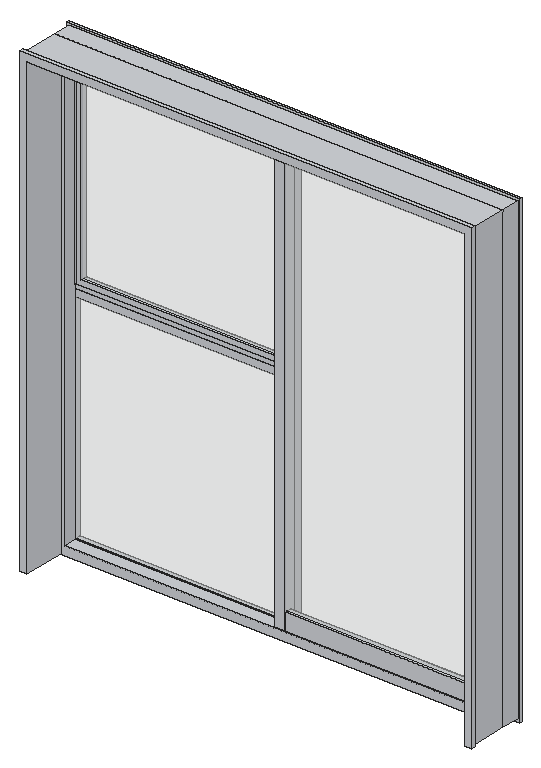
Revit family "APL Residential Thermal Heart Sliding Door SF with Sidelight", category Doors, host Wall, Revit 2017 (continued)
Definition of nested family "APL Residential Thermal Heart Sliding Door SF with Sidelight Horizontal Section"
  Definition of nested family "Glass"
    Lines and regions (mm)
      detail lines, in view "Ref. Level", not visible
        curve 50: line (-1, -6.85, 0) -> (-1, -4.9, 0)
        curve 51: line (-1, -4.9, 0) -> (-0.25, -4.9, 0)
        curve 52: line (-0.25, -5.4, 0) -> (-0.25, -8.45, 0)
        curve 53: line (-0.25, -8.95, 0) -> (-0.25, -9.619, 0)
        curve 54: line (-0.25, -10.119, 0) -> (-0.25, -10.787, 0)
        curve 55: line (-0.25, -11.287, 0) -> (-0.25, -11.956, 0)
        curve 56: arc (-0.25, -11.956, 0) -> (0, -12.206, 0) -> (-0.25, -12.456, 0) r 0.25
        curve 57: arc (25, -10.728, 0) -> (24.979, -10.828, 0) -> (24.92, -10.912, 0) r 0.25
        curve 58: arc (24.161, -11.614, 0) -> (24.042, -11.78, 0) -> (24, -11.981, 0) r 0.5
        curve 59: arc (24, -13.404, 0) -> (24.088, -13.594, 0) -> (24.289, -13.651, 0) r 0.25
        curve 60: arc (28.489, -12.997, 0) -> (28.647, -12.904, 0) -> (28.699, -12.728, 0) r 0.25
        curve 61: arc (27.5, -8.1, 0) -> (27.711, -7.984, 0) -> (27.727, -7.744, 0) r 0.25
        curve 62: arc (26.033, -4.114, 0) -> (25.642, -3.858, 0) -> (25.24, -4.095, 0) r 0.442
        curve 63: arc (24.864, -4.812, 0) -> (24.414, -5.357, 0) -> (24.052, -5.964, 0) r 4.62
        curve 64: arc (24.052, -5.964, 0) -> (24.013, -6.073, 0) -> (24, -6.187, 0) r 0.5
        curve 65: arc (24, -6.743, 0) -> (24.132, -6.931, 0) -> (24.353, -6.871, 0) r 0.2
        curve 66: arc (24.353, -6.871, 0) -> (24.514, -6.711, 0) -> (24.702, -6.581, 0) r 1.262
        curve 67: arc (24.702, -6.581, 0) -> (24.901, -6.583, 0) -> (25, -6.756, 0) r 0.2
        curve 68: arc (25, -7.353, 0) -> (24.962, -7.543, 0) -> (24.855, -7.705, 0) r 0.5
        curve 69: arc (24.855, -7.705, 0) -> (24.408, -8.237, 0) -> (24.051, -8.833, 0) r 4.3
        curve 70: arc (24.051, -8.833, 0) -> (24.013, -8.941, 0) -> (24, -9.054, 0) r 0.5
        curve 71: arc (24, -9.668, 0) -> (24.137, -9.858, 0) -> (24.361, -9.787, 0) r 0.2
        curve 72: arc (24.361, -9.787, 0) -> (24.512, -9.617, 0) -> (24.69, -9.476, 0) r 1.288
        curve 73: arc (24.69, -9.476, 0) -> (24.895, -9.467, 0) -> (25, -9.643, 0) r 0.2
        curve 74: line (24.92, -10.912, 0) -> (24.161, -11.614, 0)
        curve 75: line (24, -11.981, 0) -> (24, -13.404, 0)
        curve 76: line (24.289, -13.651, 0) -> (28.489, -12.997, 0)
        curve 77: line (28.699, -12.728, 0) -> (28.548, -11, 0)
        curve 78: line (28.548, -11, 0) -> (27, -11, 0)
        curve 79: line (27, -11, 0) -> (27, -8.1, 0)
        curve 80: line (27, -8.1, 0) -> (27.5, -8.1, 0)
        curve 81: line (27.727, -7.744, 0) -> (26.033, -4.114, 0)
        curve 82: line (25.24, -4.095, 0) -> (24.864, -4.812, 0)
        curve 83: line (24, -6.187, 0) -> (24, -6.743, 0)
        curve 84: line (25, -6.756, 0) -> (25, -7.353, 0)
        curve 85: line (24, -9.054, 0) -> (24, -9.668, 0)
        curve 86: line (25, -9.643, 0) -> (25, -10.728, 0)
    Dimensions and locks
      "Glass Lenght": plane 1 "Center (Front/Back)" to plane 4
      aligned and locked: plane 4 to curve 2
      aligned and locked: plane 1 "Center (Front/Back)" to Filled region 1 sketch curve
      aligned and locked: Filled region 1 sketch curve to curve 6
      aligned and locked: Filled region 1 sketch curve to curve 1
      aligned and locked: Filled region 1 sketch curve to curve 5
    Automatic sketch dimensions
      plane 1 "Center (Front/Back)" to curve 2 = 0 mm
      curve 2 to plane 3 "Center (Left/Right)" = 0 mm
      curve 6 to plane 4 = 0 mm
      curve 5 to plane 4 = 0 mm
      curve 4 to plane 4 = 0 mm
      curve 5 to curve 3 = 4 mm
      curve 1 to curve 1 = 16 mm
      plane 1 "Center (Front/Back)" to curve 1 = 12 mm
      plane 3 "Center (Left/Right)" to curve 6 = 4 mm
  Definition of nested family "Interlocker&Sash"
    Reference planes
      plane 1 "Center (Front/Back)": y = 0
      plane 2: z = 0
      plane 3 "Center (Left/Right)": x = 0
    Lines and regions (mm)
      detail lines, in view "Ref. Level"
        curve 1: arc (-27.946, -29.718, 0) -> (-28.086, -30.028, 0) -> (-27.787, -30.191, 0) r 0.25
        curve 2: arc (-17.899, -30.164, 0) -> (-17.6, -30.002, 0) -> (-17.74, -29.692, 0) r 0.25
        curve 3: line (-27.787, -30.191, 0) -> (-23.919, -29.197, 0)
        curve 4: line (-23.919, -29.197, 0) -> (-23.34, -30.2, 0)
        curve 5: line (-23.34, -30.2, 0) -> (-22.34, -30.2, 0)
        curve 6: line (-22.34, -30.2, 0) -> (-21.748, -29.175, 0)
        curve 7: line (-21.748, -29.175, 0) -> (-17.899, -30.164, 0)
        curve 8: line (-17.74, -29.692, 0) -> (-21.84, -27.968, 0)
        curve 9: line (-21.84, -27.968, 0) -> (-21.84, -26.7, 0)
        curve 10: line (-21.84, -26.7, 0) -> (-20.59, -26.7, 0)
        curve 11: line (-20.59, -26.7, 0) -> (-20.59, -25.7, 0)
        curve 12: line (-20.59, -25.7, 0) -> (-25.09, -25.7, 0)
        curve 13: line (-25.09, -25.7, 0) -> (-25.09, -26.7, 0)
        curve 14: line (-25.09, -26.7, 0) -> (-23.84, -26.7, 0)
        curve 15: line (-23.84, -26.7, 0) -> (-23.84, -27.992, 0)
        curve 16: line (-23.84, -27.992, 0) -> (-27.946, -29.718, 0)
      detail lines, in view "Ref. Level", not visible
        curve 17: arc (33.161, -9.933, 0) -> (32.851, -9.793, 0) -> (32.689, -10.092, 0) r 0.25
        curve 18: arc (32.715, -19.98, 0) -> (32.877, -20.279, 0) -> (33.188, -20.139, 0) r 0.25
        curve 19: line (32.689, -10.092, 0) -> (33.683, -13.959, 0)
        curve 20: line (33.683, -13.959, 0) -> (32.679, -14.539, 0)
        curve 21: line (32.679, -14.539, 0) -> (32.679, -15.539, 0)
        curve 22: line (32.679, -15.539, 0) -> (33.705, -16.131, 0)
        curve 23: line (33.705, -16.131, 0) -> (32.715, -19.98, 0)
        curve 24: line (33.188, -20.139, 0) -> (34.912, -16.039, 0)
        curve 25: line (34.912, -16.039, 0) -> (36.179, -16.039, 0)
        curve 26: line (36.179, -16.039, 0) -> (36.179, -17.289, 0)
        curve 27: line (36.179, -17.289, 0) -> (37.179, -17.289, 0)
        curve 28: line (37.179, -17.289, 0) -> (37.179, -12.789, 0)
        curve 29: line (37.179, -12.789, 0) -> (36.179, -12.789, 0)
        curve 30: line (36.179, -12.789, 0) -> (36.179, -14.039, 0)
        curve 31: line (36.179, -14.039, 0) -> (34.887, -14.039, 0)
        curve 32: line (34.887, -14.039, 0) -> (33.161, -9.933, 0)
    Dimensions and locks
      locked: nested 3 to nested 2 at 48
      locked: nested 2 to nested 3 at 51
    Nested families
      nested 1: "65500_Interlocker Stile" at (-26.59, -6.05, 0) x (-1, 0, 0) z (0, 0, 1), type "65500_Interlocker Stile", in view "Ref. Level"
      nested 2: "65420_Interlocker Mullion" at (25.41, -70.5, 0), type "65420_Interlocker Mullion", in view "Ref. Level"
      nested 3: "65720_Sash" at (-28.59, -71.2, 0) x (0, 1, 0) z (0, 0, 1), type "65720_Sash", in view "Ref. Level"
    Definition of nested family "65500_Interlocker Stile"
      Reference planes
        plane 1 "Center (Front/Back)": y = 0
        plane 2: z = 0
        plane 3 "Center (Left/Right)": x = 0
      Lines and regions (mm)
        model lines, in view "Ref. Level"
          curve 1: arc (-13.564, 1.218, 0) -> (-13.278, 1.262, 0) -> (-13.162, 1.526, 0) r 0.3
          curve 2: arc (-13.369, 3.892, 0) -> (-13.396, 3.992, 0) -> (-13.456, 4.078, 0) r 0.3
          curve 3: arc (-13.819, 4.441, 0) -> (-14.013, 4.493, 0) -> (-14.154, 4.352, 0) r 0.2
          curve 4: arc (-14.199, 4.184, 0) -> (-14.251, 4.095, 0) -> (-14.34, 4.043, 0) r 0.2
          curve 5: arc (-16.561, 3.5, 0) -> (-16.841, 3.693, 0) -> (-16.761, 4.024, 0) r 0.3
          curve 6: arc (-16.761, 4.024, 0) -> (-16.687, 4.125, 0) -> (-16.661, 4.247, 0) r 0.3
          curve 7: arc (-16.855, 8.25, 0) -> (-16.819, 8.422, 0) -> (-16.661, 8.5, 0) r 0.2
          curve 8: arc (-16.14, 8.5, 0) -> (-16.059, 8.489, 0) -> (-15.983, 8.456, 0) r 0.3
          curve 9: arc (-14.73, 7.691, 0) -> (-14.733, 7.521, 0) -> (-14.627, 7.389, 0) r 0.25
          curve 10: arc (-14.541, 7.337, 0) -> (-14.289, 7.332, 0) -> (-14.161, 7.549, 0) r 0.25
          curve 11: arc (-14.161, 7.8, 0) -> (-14.102, 7.941, 0) -> (-13.961, 8, 0) r 0.2
          curve 12: arc (-13.688, 8, 0) -> (-13.573, 8.036, 0) -> (-13.5, 8.132, 0) r 0.2
          curve 13: arc (-13.266, 8.775, 0) -> (-13.244, 8.859, 0) -> (-13.236, 8.946, 0) r 0.5
          curve 14: arc (-13.236, 9.9, 0) -> (-13.382, 10.254, 0) -> (-13.736, 10.4, 0) r 0.5
          curve 15: arc (-24.052, 10.4, 0) -> (-24.41, 10.544, 0) -> (-24.559, 10.9, 0) r 0.5
          curve 16: arc (-24.559, 14.446, 0) -> (-24.704, 14.802, 0) -> (-25.059, 14.95, 0) r 0.5
          curve 17: arc (-27.408, 14.95, 0) -> (-27.627, 14.823, 0) -> (-27.622, 14.57, 0) r 0.25
          curve 18: arc (-27.57, 14.484, 0) -> (-27.437, 14.378, 0) -> (-27.268, 14.381, 0) r 0.25
          curve 19: arc (-26.503, 13.127, 0) -> (-26.47, 13.052, 0) -> (-26.459, 12.971, 0) r 0.3
          curve 20: arc (-26.459, 12.45, 0) -> (-26.536, 12.292, 0) -> (-26.709, 12.256, 0) r 0.2
          curve 21: arc (-30.711, 12.45, 0) -> (-30.834, 12.424, 0) -> (-30.935, 12.35, 0) r 0.3
          curve 22: arc (-30.935, 12.35, 0) -> (-31.266, 12.27, 0) -> (-31.459, 12.55, 0) r 0.3
          curve 23: arc (-30.916, 14.771, 0) -> (-30.864, 14.86, 0) -> (-30.774, 14.912, 0) r 0.2
          curve 24: arc (-30.607, 14.957, 0) -> (-30.465, 15.098, 0) -> (-30.517, 15.291, 0) r 0.2
          curve 25: arc (-30.881, 15.655, 0) -> (-30.966, 15.715, 0) -> (-31.067, 15.742, 0) r 0.3
          curve 26: arc (-33.432, 15.949, 0) -> (-33.697, 15.833, 0) -> (-33.741, 15.547, 0) r 0.3
          curve 27: arc (-33.227, 14.137, 0) -> (-33.14, 14.011, 0) -> (-33.002, 13.945, 0) r 0.3
          curve 28: arc (-33.002, 13.945, 0) -> (-32.759, 13.672, 0) -> (-32.959, 13.367, 0) r 0.3
          curve 29: arc (-32.959, 12.624, 0) -> (-33.017, 12.482, 0) -> (-33.159, 12.424, 0) r 0.2
          curve 30: arc (-35.159, 12.424, 0) -> (-35.512, 12.277, 0) -> (-35.659, 11.924, 0) r 0.5
          curve 31: arc (-35.659, 10.05, 0) -> (-35.717, 9.908, 0) -> (-35.859, 9.85, 0) r 0.2
          curve 32: arc (-45.581, 9.85, 0) -> (-45.935, 9.996, 0) -> (-46.081, 10.349, 0) r 0.499
          curve 33: arc (-46.081, 10.75, 0) -> (-45.935, 11.104, 0) -> (-45.581, 11.25, 0) r 0.5
          curve 34: arc (-44.831, 11.25, 0) -> (-44.69, 11.309, 0) -> (-44.631, 11.45, 0) r 0.2
          curve 35: arc (-44.631, 12.05, 0) -> (-44.69, 12.191, 0) -> (-44.831, 12.25, 0) r 0.2
          curve 36: arc (-47.931, 12.25, 0) -> (-48.072, 12.191, 0) -> (-48.131, 12.05, 0) r 0.2
          curve 37: arc (-48.131, 11.45, 0) -> (-48.072, 11.309, 0) -> (-47.931, 11.25, 0) r 0.2
          curve 38: arc (-47.581, 11.25, 0) -> (-47.44, 11.191, 0) -> (-47.381, 11.05, 0) r 0.2
          curve 39: arc (-47.381, 10.45, 0) -> (-47.44, 10.309, 0) -> (-47.581, 10.25, 0) r 0.2
          curve 40: arc (-47.931, 10.25, 0) -> (-48.072, 10.191, 0) -> (-48.131, 10.05, 0) r 0.2
          curve 41: arc (-48.131, 9.749, 0) -> (-48.277, 9.395, 0) -> (-48.631, 9.249, 0) r 0.5
          curve 42: arc (-49.631, 9.249, 0) -> (-49.985, 9.395, 0) -> (-50.131, 9.749, 0) r 0.5
          curve 43: arc (-50.131, 10.05, 0) -> (-50.19, 10.191, 0) -> (-50.331, 10.25, 0) r 0.2
          curve 44: arc (-50.681, 10.25, 0) -> (-50.822, 10.309, 0) -> (-50.881, 10.45, 0) r 0.2
          curve 45: arc (-50.881, 11.05, 0) -> (-50.822, 11.191, 0) -> (-50.681, 11.25, 0) r 0.2
          curve 46: arc (-50.331, 11.25, 0) -> (-50.19, 11.309, 0) -> (-50.131, 11.45, 0) r 0.2
          curve 47: arc (-50.131, 12.05, 0) -> (-50.19, 12.191, 0) -> (-50.331, 12.25, 0) r 0.2
          curve 48: arc (-51.761, 12.25, 0) -> (-51.902, 12.191, 0) -> (-51.961, 12.05, 0) r 0.2
          curve 49: arc (-52.336, 8.799, 0) -> (-52.711, 8.424, 0) -> (-52.336, 8.049, 0) r 0.375
          curve 50: arc (-33.059, 8.05, 0) -> (-32.559, 8.55, 0) -> (-33.059, 9.05, 0) r 0.5
          curve 51: arc (-33.959, 9.05, 0) -> (-34.1, 9.109, 0) -> (-34.159, 9.25, 0) r 0.2
          curve 52: arc (-34.159, 10.35, 0) -> (-34.1, 10.491, 0) -> (-33.959, 10.55, 0) r 0.2
          curve 53: arc (-26.659, 10.55, 0) -> (-26.517, 10.491, 0) -> (-26.459, 10.35, 0) r 0.2
          curve 54: arc (-26.459, 9.25, 0) -> (-26.517, 9.109, 0) -> (-26.659, 9.05, 0) r 0.2
          curve 55: arc (-27.559, 9.05, 0) -> (-28.059, 8.55, 0) -> (-27.559, 8.05, 0) r 0.5
          curve 56: arc (-19.061, 8.05, 0) -> (-18.707, 7.904, 0) -> (-18.561, 7.55, 0) r 0.5
          curve 57: arc (-18.561, 2.6, 0) -> (-18.854, 1.893, 0) -> (-19.561, 1.6, 0) r 1
          curve 58: arc (-28.809, 1.6, 0) -> (-29.609, 0.8, 0) -> (-28.809, 0, 0) r 0.8
          curve 59: arc (-17.661, 0, 0) -> (-16.954, 0.293, 0) -> (-16.661, 1, 0) r 1
          curve 60: arc (-16.661, 1.8, 0) -> (-16.602, 1.941, 0) -> (-16.461, 2, 0) r 0.2
          curve 61: arc (-15.744, 2, 0) -> (-15.438, 2.199, 0) -> (-15.166, 1.957, 0) r 0.3
          curve 62: arc (-15.166, 1.957, 0) -> (-15.1, 1.819, 0) -> (-14.974, 1.732, 0) r 0.3
          curve 63: line (-13.162, 1.526, 0) -> (-13.369, 3.892, 0)
          curve 64: line (-13.456, 4.078, 0) -> (-13.819, 4.441, 0)
          curve 65: line (-14.154, 4.352, 0) -> (-14.199, 4.184, 0)
          curve 66: line (-14.199, 4.184, 0) -> (-16.329, 3.51, 0)
          curve 67: line (-16.329, 3.51, 0) -> (-16.561, 3.5, 0)
          curve 68: line (-16.661, 4.247, 0) -> (-16.661, 7.475, 0)
          curve 69: line (-16.661, 7.475, 0) -> (-16.855, 8.25, 0)
          curve 70: line (-16.661, 8.5, 0) -> (-16.14, 8.5, 0)
          curve 71: line (-16.14, 8.5, 0) -> (-14.73, 7.691, 0)
          curve 72: line (-14.161, 7.549, 0) -> (-14.161, 7.8, 0)
          curve 73: line (-13.961, 8, 0) -> (-13.688, 8, 0)
          curve 74: line (-13.5, 8.132, 0) -> (-13.266, 8.775, 0)
          curve 75: line (-13.236, 8.946, 0) -> (-13.236, 9.9, 0)
          curve 76: line (-13.736, 10.4, 0) -> (-24.052, 10.4, 0)
          curve 77: line (-24.559, 10.9, 0) -> (-24.559, 14.446, 0)
          curve 78: line (-25.059, 14.95, 0) -> (-27.408, 14.95, 0)
          curve 79: line (-27.268, 14.381, 0) -> (-26.503, 13.127, 0)
          curve 80: line (-26.503, 13.127, 0) -> (-26.459, 12.45, 0)
          curve 81: line (-26.709, 12.256, 0) -> (-27.459, 12.45, 0)
          curve 82: line (-27.434, 12.444, 0) -> (-30.711, 12.45, 0)
          curve 83: line (-31.459, 12.704, 0) -> (-30.916, 14.771, 0)
          curve 84: line (-30.916, 14.771, 0) -> (-30.607, 14.957, 0)
          curve 85: line (-30.517, 15.291, 0) -> (-30.881, 15.655, 0)
          curve 86: line (-31.067, 15.742, 0) -> (-33.432, 15.949, 0)
          curve 87: line (-33.741, 15.547, 0) -> (-33.227, 14.137, 0)
          curve 88: line (-32.959, 13.367, 0) -> (-32.959, 12.624, 0)
          curve 89: line (-33.159, 12.424, 0) -> (-35.159, 12.424, 0)
          curve 90: line (-35.659, 11.924, 0) -> (-35.659, 10.05, 0)
          curve 91: line (-35.859, 9.85, 0) -> (-45.581, 9.85, 0)
          curve 92: line (-46.081, 10.349, 0) -> (-46.081, 10.75, 0)
          curve 93: line (-45.581, 11.25, 0) -> (-44.831, 11.25, 0)
          curve 94: line (-44.631, 11.45, 0) -> (-44.631, 12.05, 0)
          curve 95: line (-44.831, 12.25, 0) -> (-47.931, 12.25, 0)
          curve 96: line (-48.131, 12.05, 0) -> (-48.131, 11.45, 0)
          curve 97: line (-47.931, 11.25, 0) -> (-47.581, 11.25, 0)
          curve 98: line (-47.381, 11.05, 0) -> (-47.381, 10.45, 0)
          curve 99: line (-47.581, 10.25, 0) -> (-47.931, 10.25, 0)
          curve 100: line (-48.131, 10.05, 0) -> (-48.131, 9.749, 0)
          curve 101: line (-48.631, 9.249, 0) -> (-49.631, 9.249, 0)
          curve 102: line (-50.131, 9.749, 0) -> (-50.131, 10.05, 0)
          curve 103: line (-50.331, 10.25, 0) -> (-50.681, 10.25, 0)
          curve 104: line (-50.881, 10.45, 0) -> (-50.881, 11.05, 0)
          curve 105: line (-50.681, 11.25, 0) -> (-50.331, 11.25, 0)
          curve 106: line (-50.131, 11.45, 0) -> (-50.131, 12.05, 0)
          curve 107: line (-50.331, 12.25, 0) -> (-51.761, 12.25, 0)
          curve 108: line (-51.961, 12.05, 0) -> (-51.961, 8.799, 0)
          curve 109: line (-51.961, 8.799, 0) -> (-52.336, 8.799, 0)
          curve 110: line (-52.336, 8.049, 0) -> (-33.059, 8.049, 0)
          curve 111: line (-33.059, 9.05, 0) -> (-33.959, 9.05, 0)
          curve 112: line (-34.159, 9.25, 0) -> (-34.159, 10.35, 0)
          curve 113: line (-33.959, 10.55, 0) -> (-26.659, 10.55, 0)
          curve 114: line (-26.459, 10.35, 0) -> (-26.459, 9.25, 0)
          curve 115: line (-26.659, 9.05, 0) -> (-27.559, 9.05, 0)
          curve 116: line (-27.559, 8.05, 0) -> (-19.061, 8.05, 0)
          curve 117: line (-18.561, 7.55, 0) -> (-18.561, 2.6, 0)
          curve 118: line (-19.561, 1.6, 0) -> (-28.809, 1.6, 0)
          curve 119: line (-28.809, 0, 0) -> (-17.661, 0, 0)
          curve 120: line (-16.661, 1, 0) -> (-16.661, 1.8, 0)
          curve 121: line (-16.461, 2, 0) -> (-15.744, 2, 0)
          curve 122: line (-14.974, 1.732, 0) -> (-13.564, 1.218, 0)
          curve 123: arc (-31.398, 41.7, 0) -> (-31.251, 42.054, 0) -> (-30.898, 42.2, 0) r 0.5
          curve 124: arc (-2.1, 42.2, 0) -> (-1.746, 42.054, 0) -> (-1.6, 41.7, 0) r 0.5
          curve 125: arc (-1.6, 10.9, 0) -> (-1.746, 10.546, 0) -> (-2.1, 10.4, 0) r 0.5
          curve 126: arc (-4.86, 10.4, 0) -> (-5.213, 10.254, 0) -> (-5.36, 9.9, 0) r 0.5
          curve 127: arc (-5.36, 9.042, 0) -> (-5.352, 8.955, 0) -> (-5.33, 8.871, 0) r 0.5
          curve 128: arc (-5.061, 8.132, 0) -> (-4.987, 8.036, 0) -> (-4.873, 8, 0) r 0.2
          curve 129: arc (-4.6, 8, 0) -> (-4.459, 7.941, 0) -> (-4.4, 7.8, 0) r 0.2
          curve 130: arc (-4.4, 7.55, 0) -> (-4.272, 7.332, 0) -> (-4.02, 7.337, 0) r 0.25
          curve 131: arc (-3.934, 7.389, 0) -> (-3.828, 7.521, 0) -> (-3.831, 7.691, 0) r 0.25
          curve 132: arc (-2.577, 8.456, 0) -> (-2.502, 8.489, 0) -> (-2.421, 8.5, 0) r 0.3
          curve 133: arc (-1.9, 8.5, 0) -> (-1.742, 8.422, 0) -> (-1.706, 8.25, 0) r 0.2
          curve 134: arc (-1.9, 4.247, 0) -> (-1.874, 4.125, 0) -> (-1.8, 4.024, 0) r 0.3
          curve 135: arc (-1.8, 4.024, 0) -> (-1.72, 3.693, 0) -> (-2, 3.5, 0) r 0.3
          curve 136: arc (-4.221, 4.043, 0) -> (-4.31, 4.095, 0) -> (-4.362, 4.184, 0) r 0.2
          curve 137: arc (-4.407, 4.352, 0) -> (-4.548, 4.493, 0) -> (-4.741, 4.441, 0) r 0.2
          curve 138: arc (-5.105, 4.078, 0) -> (-5.165, 3.992, 0) -> (-5.192, 3.892, 0) r 0.3
          curve 139: arc (-5.399, 1.526, 0) -> (-5.283, 1.262, 0) -> (-4.997, 1.218, 0) r 0.3
          curve 140: arc (-3.587, 1.732, 0) -> (-3.461, 1.819, 0) -> (-3.395, 1.957, 0) r 0.3
          curve 141: arc (-3.395, 1.957, 0) -> (-3.122, 2.199, 0) -> (-2.817, 2, 0) r 0.3
          curve 142: arc (-2.1, 2, 0) -> (-1.959, 1.941, 0) -> (-1.9, 1.8, 0) r 0.2
          curve 143: arc (-1.9, 1, 0) -> (-1.607, 0.293, 0) -> (-0.9, 0, 0) r 1
          curve 144: arc (-0.5, 0, 0) -> (-0.146, 0.146, 0) -> (0, 0.5, 0) r 0.5
          curve 145: arc (0, 43, 0) -> (-0.293, 43.707, 0) -> (-1, 44, 0) r 1
          curve 146: arc (-52.375, 44, 0) -> (-52.75, 43.625, 0) -> (-52.375, 43.25, 0) r 0.375
          curve 147: arc (-52, 42.15, 0) -> (-51.941, 42.009, 0) -> (-51.8, 41.95, 0) r 0.2
          curve 148: arc (-50.962, 40.688, 0) -> (-50.917, 40.558, 0) -> (-50.797, 40.488, 0) r 0.2
          curve 149: arc (-48.613, 40.25, 0) -> (-48.454, 40.328, 0) -> (-48.42, 40.502, 0) r 0.2
          curve 150: arc (-48.808, 41.948, 0) -> (-48.773, 42.122, 0) -> (-48.615, 42.2, 0) r 0.2
          curve 151: arc (-33.498, 42.2, 0) -> (-33.144, 42.054, 0) -> (-32.998, 41.7, 0) r 0.5
          curve 152: arc (-32.998, 35.05, 0) -> (-32.939, 34.909, 0) -> (-32.798, 34.85, 0) r 0.2
          curve 153: arc (-26.398, 34.85, 0) -> (-26.256, 34.792, 0) -> (-26.198, 34.65, 0) r 0.2
          curve 154: arc (-26.198, 29.353, 0) -> (-26.255, 29.21, 0) -> (-26.398, 29.15, 0) r 0.2
          curve 155: arc (-32.798, 29.15, 0) -> (-32.939, 29.091, 0) -> (-32.998, 28.95, 0) r 0.2
          curve 156: arc (-32.998, 26.333, 0) -> (-32.799, 26.028, 0) -> (-33.041, 25.755, 0) r 0.3
          curve 157: arc (-33.041, 25.755, 0) -> (-33.179, 25.689, 0) -> (-33.266, 25.563, 0) r 0.3
          curve 158: arc (-33.78, 24.153, 0) -> (-33.736, 23.867, 0) -> (-33.472, 23.751, 0) r 0.3
          curve 159: arc (-31.106, 23.958, 0) -> (-31.005, 23.985, 0) -> (-30.92, 24.045, 0) r 0.3
          curve 160: arc (-30.556, 24.409, 0) -> (-30.505, 24.602, 0) -> (-30.646, 24.743, 0) r 0.2
          curve 161: arc (-30.813, 24.788, 0) -> (-30.903, 24.84, 0) -> (-30.955, 24.929, 0) r 0.2
          curve 162: arc (-31.498, 27.15, 0) -> (-31.305, 27.43, 0) -> (-30.974, 27.35, 0) r 0.3
          curve 163: arc (-30.974, 27.35, 0) -> (-30.873, 27.276, 0) -> (-30.75, 27.25, 0) r 0.3
          curve 164: arc (-26.748, 27.444, 0) -> (-26.575, 27.408, 0) -> (-26.498, 27.25, 0) r 0.2
          curve 165: arc (-26.498, 26.729, 0) -> (-26.509, 26.648, 0) -> (-26.542, 26.573, 0) r 0.3
          curve 166: arc (-27.307, 25.319, 0) -> (-27.477, 25.322, 0) -> (-27.609, 25.216, 0) r 0.25
          curve 167: arc (-27.661, 25.13, 0) -> (-27.666, 24.878, 0) -> (-27.448, 24.75, 0) r 0.25
          curve 168: arc (-25.098, 24.75, 0) -> (-24.744, 24.896, 0) -> (-24.598, 25.25, 0) r 0.5
          curve 169: arc (-24.598, 36.25, 0) -> (-24.656, 36.391, 0) -> (-24.798, 36.45, 0) r 0.2
          curve 170: line (-31.398, 36.65, 0) -> (-31.398, 41.7, 0)
          curve 171: line (-30.898, 42.2, 0) -> (-2.1, 42.2, 0)
          curve 172: line (-1.6, 41.7, 0) -> (-1.6, 10.9, 0)
          curve 173: line (-2.1, 10.4, 0) -> (-4.86, 10.4, 0)
          curve 174: line (-5.36, 9.9, 0) -> (-5.36, 9.042, 0)
          curve 175: line (-5.33, 8.871, 0) -> (-5.061, 8.132, 0)
          curve 176: line (-4.873, 8, 0) -> (-4.6, 8, 0)
          curve 177: line (-4.4, 7.8, 0) -> (-4.4, 7.55, 0)
          curve 178: line (-3.831, 7.691, 0) -> (-2.577, 8.456, 0)
          curve 179: line (-2.577, 8.456, 0) -> (-1.9, 8.5, 0)
          curve 180: line (-1.706, 8.25, 0) -> (-1.894, 7.525, 0)
          curve 181: line (-1.894, 7.525, 0) -> (-1.9, 4.247, 0)
          curve 182: line (-2.154, 3.5, 0) -> (-4.221, 4.043, 0)
          curve 183: line (-4.221, 4.043, 0) -> (-4.407, 4.352, 0)
          curve 184: line (-4.741, 4.441, 0) -> (-5.105, 4.078, 0)
          curve 185: line (-5.192, 3.892, 0) -> (-5.399, 1.526, 0)
          curve 186: line (-4.997, 1.218, 0) -> (-3.587, 1.732, 0)
          curve 187: line (-2.817, 2, 0) -> (-2.1, 2, 0)
          curve 188: line (-1.9, 1.8, 0) -> (-1.9, 1, 0)
          curve 189: line (-0.9, 0, 0) -> (-0.5, 0, 0)
          curve 190: line (0, 0.5, 0) -> (0, 43, 0)
          curve 191: line (-1, 44, 0) -> (-52.375, 44, 0)
          curve 192: line (-52.375, 43.25, 0) -> (-52, 43.25, 0)
          curve 193: line (-52, 43.25, 0) -> (-52, 42.15, 0)
          curve 194: line (-51.8, 41.95, 0) -> (-50.962, 41.95, 0)
          curve 195: line (-50.962, 41.95, 0) -> (-50.962, 40.688, 0)
          curve 196: line (-50.797, 40.488, 0) -> (-49.444, 40.25, 0)
          curve 197: line (-49.444, 40.25, 0) -> (-48.613, 40.25, 0)
          curve 198: line (-48.42, 40.502, 0) -> (-48.808, 41.948, 0)
          curve 199: line (-48.615, 42.2, 0) -> (-33.498, 42.2, 0)
          curve 200: line (-32.998, 41.7, 0) -> (-32.998, 35.05, 0)
          curve 201: line (-32.798, 34.85, 0) -> (-26.398, 34.85, 0)
          curve 202: line (-26.198, 34.65, 0) -> (-26.198, 29.353, 0)
          curve 203: line (-26.398, 29.15, 0) -> (-32.798, 29.15, 0)
          curve 204: line (-32.998, 28.95, 0) -> (-32.998, 26.333, 0)
          curve 205: line (-33.266, 25.563, 0) -> (-33.78, 24.153, 0)
          curve 206: line (-33.472, 23.751, 0) -> (-31.106, 23.958, 0)
          curve 207: line (-30.92, 24.045, 0) -> (-30.556, 24.409, 0)
          curve 208: line (-30.646, 24.743, 0) -> (-30.813, 24.788, 0)
          curve 209: line (-30.813, 24.788, 0) -> (-31.487, 26.918, 0)
          curve 210: line (-31.487, 26.918, 0) -> (-31.498, 27.15, 0)
          curve 211: line (-30.75, 27.25, 0) -> (-27.523, 27.25, 0)
          curve 212: line (-27.523, 27.25, 0) -> (-26.748, 27.444, 0)
          curve 213: line (-26.498, 27.25, 0) -> (-26.498, 26.729, 0)
          curve 214: line (-26.498, 26.729, 0) -> (-27.307, 25.319, 0)
          curve 215: line (-27.448, 24.75, 0) -> (-25.098, 24.75, 0)
          curve 216: line (-24.598, 25.25, 0) -> (-24.598, 36.25, 0)
          curve 217: line (-24.798, 36.45, 0) -> (-31.197, 36.45, 0)
          curve 218: arc (-31.197, 36.45, 0) -> (-31.339, 36.508, 0) -> (-31.398, 36.65, 0) r 0.2
          curve 219: arc (-27.398, 12.45, 0) -> (-27.115, 12.567, 0) -> (-26.998, 12.85, 0) r 0.4
          curve 220: arc (-26.998, 13.143, 0) -> (-27.011, 13.246, 0) -> (-27.052, 13.343, 0) r 0.4
          curve 221: arc (-27.936, 14.871, 0) -> (-28.057, 15.161, 0) -> (-28.098, 15.472, 0) r 1.2
          curve 222: arc (-28.098, 16.395, 0) -> (-28.279, 16.968, 0) -> (-28.756, 17.334, 0) r 1
          curve 223: arc (-30.935, 18.127, 0) -> (-31.125, 18.274, 0) -> (-31.198, 18.503, 0) r 0.4
          curve 224: arc (-31.198, 21.197, 0) -> (-31.125, 21.426, 0) -> (-30.935, 21.573, 0) r 0.4
          curve 225: arc (-28.756, 22.366, 0) -> (-28.279, 22.732, 0) -> (-28.098, 23.305, 0) r 1
          curve 226: arc (-28.098, 24.228, 0) -> (-28.057, 24.539, 0) -> (-27.936, 24.829, 0) r 1.2
          curve 227: arc (-27.052, 26.357, 0) -> (-27.011, 26.454, 0) -> (-26.998, 26.557, 0) r 0.4
          curve 228: arc (-26.998, 26.85, 0) -> (-27.115, 27.133, 0) -> (-27.398, 27.25, 0) r 0.4
          curve 229: arc (-30.798, 27.25, 0) -> (-31.081, 27.133, 0) -> (-31.198, 26.85, 0) r 0.4
          curve 230: arc (-31.198, 26.557, 0) -> (-31.184, 26.454, 0) -> (-31.144, 26.357, 0) r 0.4
          curve 231: arc (-30.259, 24.829, 0) -> (-30.138, 24.535, 0) -> (-30.098, 24.22, 0) r 1.2
          curve 232: arc (-30.098, 24.22, 0) -> (-30.151, 24.045, 0) -> (-30.295, 23.934, 0) r 0.3
          curve 233: arc (-32.735, 23.046, 0) -> (-32.925, 22.899, 0) -> (-32.998, 22.67, 0) r 0.4
          curve 234: arc (-32.998, 17.03, 0) -> (-32.925, 16.801, 0) -> (-32.735, 16.654, 0) r 0.4
          curve 235: arc (-30.295, 15.766, 0) -> (-30.151, 15.655, 0) -> (-30.098, 15.48, 0) r 0.3
          curve 236: arc (-30.098, 15.48, 0) -> (-30.138, 15.165, 0) -> (-30.259, 14.871, 0) r 1.2
          curve 237: arc (-31.144, 13.343, 0) -> (-31.184, 13.246, 0) -> (-31.198, 13.143, 0) r 0.4
          curve 238: arc (-31.198, 12.85, 0) -> (-31.081, 12.567, 0) -> (-30.798, 12.45, 0) r 0.4
          curve 239: line (-26.998, 12.85, 0) -> (-26.998, 13.143, 0)
          curve 240: line (-27.052, 13.343, 0) -> (-27.936, 14.871, 0)
          curve 241: line (-28.098, 15.472, 0) -> (-28.098, 16.395, 0)
          curve 242: line (-28.756, 17.334, 0) -> (-30.935, 18.127, 0)
          curve 243: line (-31.198, 18.503, 0) -> (-31.198, 21.197, 0)
          curve 244: line (-30.935, 21.573, 0) -> (-28.756, 22.366, 0)
          curve 245: line (-28.098, 23.305, 0) -> (-28.098, 24.228, 0)
          curve 246: line (-27.936, 24.829, 0) -> (-27.052, 26.357, 0)
          curve 247: line (-26.998, 26.557, 0) -> (-26.998, 26.85, 0)
          curve 248: line (-27.398, 27.25, 0) -> (-30.798, 27.25, 0)
          curve 249: line (-31.198, 26.85, 0) -> (-31.198, 26.557, 0)
          curve 250: line (-31.144, 26.357, 0) -> (-30.259, 24.829, 0)
          curve 251: line (-30.295, 23.934, 0) -> (-32.735, 23.046, 0)
          curve 252: line (-32.998, 22.67, 0) -> (-32.998, 17.03, 0)
          curve 253: line (-32.735, 16.654, 0) -> (-30.295, 15.766, 0)
          curve 254: line (-30.259, 14.871, 0) -> (-31.144, 13.343, 0)
          curve 255: line (-31.198, 13.143, 0) -> (-31.198, 12.85, 0)
          curve 256: line (-30.798, 12.45, 0) -> (-27.398, 12.45, 0)
          curve 257: arc (-16.7, 4.122, 0) -> (-16.583, 3.839, 0) -> (-16.3, 3.722, 0) r 0.4
          curve 258: arc (-16.007, 3.722, 0) -> (-15.904, 3.736, 0) -> (-15.807, 3.776, 0) r 0.4
          curve 259: arc (-14.279, 4.66, 0) -> (-13.989, 4.781, 0) -> (-13.678, 4.822, 0) r 1.2
          curve 260: arc (-12.755, 4.822, 0) -> (-12.182, 5.003, 0) -> (-11.816, 5.48, 0) r 1
          curve 261: arc (-11.023, 7.659, 0) -> (-10.876, 7.849, 0) -> (-10.647, 7.922, 0) r 0.4
          curve 262: arc (-7.953, 7.922, 0) -> (-7.724, 7.849, 0) -> (-7.577, 7.659, 0) r 0.4
          curve 263: arc (-6.784, 5.48, 0) -> (-6.418, 5.003, 0) -> (-5.845, 4.822, 0) r 1
          curve 264: arc (-4.922, 4.822, 0) -> (-4.611, 4.781, 0) -> (-4.321, 4.66, 0) r 1.2
          curve 265: arc (-2.793, 3.776, 0) -> (-2.696, 3.736, 0) -> (-2.593, 3.722, 0) r 0.4
          curve 266: arc (-2.3, 3.722, 0) -> (-2.017, 3.839, 0) -> (-1.9, 4.122, 0) r 0.4
          curve 267: arc (-1.9, 7.522, 0) -> (-2.017, 7.805, 0) -> (-2.3, 7.922, 0) r 0.4
          curve 268: arc (-2.593, 7.922, 0) -> (-2.696, 7.908, 0) -> (-2.793, 7.868, 0) r 0.4
          curve 269: arc (-4.321, 6.983, 0) -> (-4.615, 6.862, 0) -> (-4.93, 6.822, 0) r 1.2
          curve 270: arc (-4.93, 6.822, 0) -> (-5.105, 6.875, 0) -> (-5.216, 7.019, 0) r 0.3
          curve 271: arc (-6.104, 9.459, 0) -> (-6.251, 9.649, 0) -> (-6.48, 9.722, 0) r 0.4
          curve 272: arc (-12.12, 9.722, 0) -> (-12.349, 9.649, 0) -> (-12.496, 9.459, 0) r 0.4
          curve 273: arc (-13.384, 7.019, 0) -> (-13.495, 6.875, 0) -> (-13.67, 6.822, 0) r 0.3
          curve 274: arc (-13.67, 6.822, 0) -> (-13.985, 6.862, 0) -> (-14.279, 6.983, 0) r 1.2
          curve 275: arc (-15.807, 7.868, 0) -> (-15.904, 7.908, 0) -> (-16.007, 7.922, 0) r 0.4
          curve 276: arc (-16.3, 7.922, 0) -> (-16.583, 7.805, 0) -> (-16.7, 7.522, 0) r 0.4
          curve 277: line (-16.3, 3.722, 0) -> (-16.007, 3.722, 0)
          curve 278: line (-15.807, 3.776, 0) -> (-14.279, 4.66, 0)
          curve 279: line (-13.678, 4.822, 0) -> (-12.755, 4.822, 0)
          curve 280: line (-11.816, 5.48, 0) -> (-11.023, 7.659, 0)
          curve 281: line (-10.647, 7.922, 0) -> (-7.953, 7.922, 0)
          curve 282: line (-7.577, 7.659, 0) -> (-6.784, 5.48, 0)
          curve 283: line (-5.845, 4.822, 0) -> (-4.922, 4.822, 0)
          curve 284: line (-4.321, 4.66, 0) -> (-2.793, 3.776, 0)
          curve 285: line (-2.593, 3.722, 0) -> (-2.3, 3.722, 0)
          curve 286: line (-1.9, 4.122, 0) -> (-1.9, 7.522, 0)
          curve 287: line (-2.3, 7.922, 0) -> (-2.593, 7.922, 0)
          curve 288: line (-2.793, 7.868, 0) -> (-4.321, 6.983, 0)
          curve 289: line (-5.216, 7.019, 0) -> (-6.104, 9.459, 0)
          curve 290: line (-6.48, 9.722, 0) -> (-12.12, 9.722, 0)
          curve 291: line (-12.496, 9.459, 0) -> (-13.384, 7.019, 0)
          curve 292: line (-14.279, 6.983, 0) -> (-15.807, 7.868, 0)
          curve 293: line (-16.007, 7.922, 0) -> (-16.3, 7.922, 0)
          curve 294: line (-16.7, 7.522, 0) -> (-16.7, 4.122, 0)
      Text (mm)
        text "65500" at (-34.845, 58.95, 0), in view "Ref. Level"
    Definition of nested family "65420_Interlocker Mullion"
      Reference planes
        plane 1 "Center (Front/Back)": y = 0
        plane 2: z = 0
        plane 3 "Center (Left/Right)": x = 0
      Lines and regions (mm)
        model lines, in view "Ref. Level"
          curve 1: arc (-24.6, 25.5, 0) -> (-24.746, 25.146, 0) -> (-25.1, 25, 0) r 0.5
          curve 2: arc (-27.45, 25, 0) -> (-27.668, 25.128, 0) -> (-27.663, 25.38, 0) r 0.25
          curve 3: arc (-27.611, 25.466, 0) -> (-27.479, 25.572, 0) -> (-27.309, 25.569, 0) r 0.25
          curve 4: arc (-26.544, 26.823, 0) -> (-26.511, 26.898, 0) -> (-26.5, 26.979, 0) r 0.3
          curve 5: arc (-26.5, 27.5, 0) -> (-26.578, 27.658, 0) -> (-26.75, 27.694, 0) r 0.2
          curve 6: arc (-30.753, 27.5, 0) -> (-30.875, 27.526, 0) -> (-30.976, 27.6, 0) r 0.3
          curve 7: arc (-30.976, 27.6, 0) -> (-31.307, 27.68, 0) -> (-31.5, 27.4, 0) r 0.3
          curve 8: arc (-30.957, 25.179, 0) -> (-30.905, 25.09, 0) -> (-30.816, 25.038, 0) r 0.2
          curve 9: arc (-30.648, 24.993, 0) -> (-30.507, 24.852, 0) -> (-30.559, 24.659, 0) r 0.2
          curve 10: arc (-30.922, 24.295, 0) -> (-31.008, 24.235, 0) -> (-31.108, 24.208, 0) r 0.3
          curve 11: arc (-33.474, 24.001, 0) -> (-33.738, 24.117, 0) -> (-33.782, 24.403, 0) r 0.3
          curve 12: arc (-33.268, 25.813, 0) -> (-33.181, 25.939, 0) -> (-33.043, 26.005, 0) r 0.3
          curve 13: arc (-33.043, 26.005, 0) -> (-32.801, 26.278, 0) -> (-33, 26.583, 0) r 0.3
          curve 14: arc (-33, 44.4, 0) -> (-33.059, 44.541, 0) -> (-33.2, 44.6, 0) r 0.2
          curve 15: arc (-44.5, 43.5, 0) -> (-44.793, 42.793, 0) -> (-45.5, 42.5, 0) r 1
          curve 16: arc (-46.25, 42.5, 0) -> (-46.749, 43, 0) -> (-46.25, 43.5, 0) r 0.5
          curve 17: arc (-50.25, 43.5, 0) -> (-49.749, 43, 0) -> (-50.25, 42.5, 0) r 0.5
          curve 18: arc (-51.8, 42.5, 0) -> (-51.941, 42.559, 0) -> (-52, 42.7, 0) r 0.2
          curve 19: arc (-52, 61.948, 0) -> (-51.854, 62.303, 0) -> (-51.5, 62.45, 0) r 0.5
          curve 20: arc (-49.183, 62.45, 0) -> (-48.878, 62.251, 0) -> (-48.605, 62.493, 0) r 0.3
          curve 21: arc (-48.605, 62.493, 0) -> (-48.539, 62.631, 0) -> (-48.413, 62.718, 0) r 0.3
          curve 22: arc (-47.003, 63.232, 0) -> (-46.717, 63.188, 0) -> (-46.601, 62.924, 0) r 0.3
          curve 23: arc (-46.808, 60.558, 0) -> (-46.835, 60.458, 0) -> (-46.895, 60.372, 0) r 0.3
          curve 24: arc (-47.259, 60.009, 0) -> (-47.452, 59.957, 0) -> (-47.593, 60.098, 0) r 0.2
          curve 25: arc (-47.638, 60.266, 0) -> (-47.69, 60.355, 0) -> (-47.779, 60.407, 0) r 0.2
          curve 26: arc (-50, 60.95, 0) -> (-50.28, 60.757, 0) -> (-50.2, 60.426, 0) r 0.3
          curve 27: arc (-50.2, 60.426, 0) -> (-50.126, 60.325, 0) -> (-50.1, 60.203, 0) r 0.3
          curve 28: arc (-50.294, 56.2, 0) -> (-50.258, 56.028, 0) -> (-50.1, 55.95, 0) r 0.2
          curve 29: arc (-49.579, 55.95, 0) -> (-49.498, 55.961, 0) -> (-49.423, 55.994, 0) r 0.3
          curve 30: arc (-48.169, 56.759, 0) -> (-48.172, 56.929, 0) -> (-48.066, 57.061, 0) r 0.25
          curve 31: arc (-47.98, 57.113, 0) -> (-47.728, 57.118, 0) -> (-47.6, 56.9, 0) r 0.25
          curve 32: arc (-47.6, 54.875, 0) -> (-47.626, 54.778, 0) -> (-47.696, 54.705, 0) r 0.2
          curve 33: arc (-50.261, 53.139, 0) -> (-50.436, 52.957, 0) -> (-50.5, 52.712, 0) r 0.5
          curve 34: arc (-50.5, 47, 0) -> (-50.354, 46.646, 0) -> (-50, 46.5, 0) r 0.5
          curve 35: arc (-45.5, 46.5, 0) -> (-44.986, 46.409, 0) -> (-44.533, 46.147, 0) r 1.5
          curve 36: arc (-33.2, 46.1, 0) -> (-31.998, 45.602, 0) -> (-31.5, 44.4, 0) r 1.7
          curve 37: line (-24.6, 27.5, 0) -> (-24.6, 25.5, 0)
          curve 38: line (-25.1, 25, 0) -> (-27.45, 25, 0)
          curve 39: line (-27.309, 25.569, 0) -> (-26.544, 26.823, 0)
          curve 40: line (-26.544, 26.823, 0) -> (-26.5, 27.5, 0)
          curve 41: line (-26.75, 27.694, 0) -> (-27.5, 27.5, 0)
          curve 42: line (-27.475, 27.506, 0) -> (-30.753, 27.5, 0)
          curve 43: line (-31.5, 27.246, 0) -> (-30.957, 25.179, 0)
          curve 44: line (-30.957, 25.179, 0) -> (-30.648, 24.993, 0)
          curve 45: line (-30.559, 24.659, 0) -> (-30.922, 24.295, 0)
          curve 46: line (-31.108, 24.208, 0) -> (-33.474, 24.001, 0)
          curve 47: line (-33.782, 24.403, 0) -> (-33.268, 25.813, 0)
          curve 48: line (-33, 26.583, 0) -> (-33, 33.5, 0)
          curve 49: line (-33, 33.5, 0) -> (-32.6, 33.9, 0)
          curve 50: line (-32.6, 33.9, 0) -> (-33, 34.3, 0)
          curve 51: line (-33, 34.3, 0) -> (-33, 44.4, 0)
          curve 52: line (-33.2, 44.6, 0) -> (-44.5, 44.6, 0)
          curve 53: line (-44.5, 44.6, 0) -> (-44.5, 43.5, 0)
          curve 54: line (-45.5, 42.5, 0) -> (-46.25, 42.5, 0)
          curve 55: line (-46.25, 43.5, 0) -> (-45.5, 43.5, 0)
          curve 56: line (-45.5, 43.5, 0) -> (-45.5, 45, 0)
          curve 57: line (-45.5, 45, 0) -> (-51, 45, 0)
          curve 58: line (-51, 45, 0) -> (-51, 43.5, 0)
          curve 59: line (-51, 43.5, 0) -> (-50.25, 43.5, 0)
          curve 60: line (-50.25, 42.5, 0) -> (-51.8, 42.5, 0)
          curve 61: line (-52, 42.7, 0) -> (-52, 61.948, 0)
          curve 62: line (-51.5, 62.45, 0) -> (-49.183, 62.45, 0)
          curve 63: line (-48.413, 62.718, 0) -> (-47.003, 63.232, 0)
          curve 64: line (-46.601, 62.924, 0) -> (-46.808, 60.558, 0)
          curve 65: line (-46.895, 60.372, 0) -> (-47.259, 60.009, 0)
          curve 66: line (-47.593, 60.098, 0) -> (-47.638, 60.266, 0)
          curve 67: line (-47.638, 60.266, 0) -> (-49.768, 60.94, 0)
          curve 68: line (-49.768, 60.94, 0) -> (-50, 60.95, 0)
          curve 69: line (-50.1, 60.203, 0) -> (-50.1, 56.975, 0)
          curve 70: line (-50.1, 56.975, 0) -> (-50.294, 56.2, 0)
          curve 71: line (-50.1, 55.95, 0) -> (-49.579, 55.95, 0)
          curve 72: line (-49.579, 55.95, 0) -> (-48.169, 56.759, 0)
          curve 73: line (-47.6, 56.9, 0) -> (-47.6, 54.875, 0)
          curve 74: line (-47.696, 54.705, 0) -> (-50.261, 53.139, 0)
          curve 75: line (-50.5, 52.712, 0) -> (-50.5, 47, 0)
          curve 76: line (-50, 46.5, 0) -> (-45.5, 46.5, 0)
          curve 77: line (-44.405, 46.1, 0) -> (-33.2, 46.1, 0)
          curve 78: line (-31.5, 44.4, 0) -> (-31.5, 37.486, 0)
          curve 79: arc (-31.5, 37.486, 0) -> (-31.229, 37.041, 0) -> (-30.71, 37.078, 0) r 0.5
          curve 80: arc (-30.71, 37.078, 0) -> (-28.151, 37.789, 0) -> (-25.73, 36.695, 0) r 3.9
          curve 81: arc (-25.73, 36.695, 0) -> (-25.713, 35.422, 0) -> (-26.985, 35.405, 0) r 0.9
          curve 82: arc (-26.985, 35.405, 0) -> (-28.45, 36, 0) -> (-29.915, 35.405, 0) r 2.1
          curve 83: arc (-29.915, 35.405, 0) -> (-30.077, 35.28, 0) -> (-30.264, 35.194, 0) r 0.9
          curve 84: arc (-30.264, 35.194, 0) -> (-30.436, 35.097, 0) -> (-30.557, 34.94, 0) r 0.5
          curve 85: arc (-30.557, 34.94, 0) -> (-30.8, 33.9, 0) -> (-30.557, 32.86, 0) r 2.35
          curve 86: arc (-30.557, 32.86, 0) -> (-30.436, 32.703, 0) -> (-30.264, 32.606, 0) r 0.5
          curve 87: arc (-30.264, 32.606, 0) -> (-30.077, 32.52, 0) -> (-29.915, 32.395, 0) r 0.9
          curve 88: arc (-29.915, 32.395, 0) -> (-28.45, 31.8, 0) -> (-26.985, 32.395, 0) r 2.1
          curve 89: arc (-26.985, 32.395, 0) -> (-25.713, 32.378, 0) -> (-25.73, 31.105, 0) r 0.9
          curve 90: arc (-25.73, 31.105, 0) -> (-26.113, 30.778, 0) -> (-26.534, 30.503, 0) r 3.9
          curve 91: arc (-26.534, 30.503, 0) -> (-26.781, 29.979, 0) -> (-26.368, 29.574, 0) r 0.5
          curve 92: arc (-26.368, 29.574, 0) -> (-25.102, 28.862, 0) -> (-24.6, 27.5, 0) r 2.1
          curve 93: arc (-35.3, 56.85, 0) -> (-35.417, 56.567, 0) -> (-35.7, 56.45, 0) r 0.4
          curve 94: arc (-35.993, 56.45, 0) -> (-36.096, 56.464, 0) -> (-36.193, 56.504, 0) r 0.4
          curve 95: arc (-37.721, 57.389, 0) -> (-38.011, 57.509, 0) -> (-38.322, 57.55, 0) r 1.2
          curve 96: arc (-39.245, 57.55, 0) -> (-39.818, 57.731, 0) -> (-40.184, 58.208, 0) r 1
          curve 97: arc (-40.977, 60.387, 0) -> (-41.124, 60.578, 0) -> (-41.353, 60.65, 0) r 0.4
          curve 98: arc (-44.047, 60.65, 0) -> (-44.276, 60.578, 0) -> (-44.423, 60.387, 0) r 0.4
          curve 99: arc (-45.216, 58.208, 0) -> (-45.582, 57.731, 0) -> (-46.155, 57.55, 0) r 1
          curve 100: arc (-47.078, 57.55, 0) -> (-47.389, 57.509, 0) -> (-47.679, 57.389, 0) r 1.2
          curve 101: arc (-49.207, 56.504, 0) -> (-49.304, 56.464, 0) -> (-49.407, 56.45, 0) r 0.4
          curve 102: arc (-49.7, 56.45, 0) -> (-49.983, 56.567, 0) -> (-50.1, 56.85, 0) r 0.4
          curve 103: arc (-50.1, 60.25, 0) -> (-49.983, 60.533, 0) -> (-49.7, 60.65, 0) r 0.4
          curve 104: arc (-49.407, 60.65, 0) -> (-49.304, 60.636, 0) -> (-49.207, 60.596, 0) r 0.4
          curve 105: arc (-47.679, 59.711, 0) -> (-47.385, 59.59, 0) -> (-47.07, 59.55, 0) r 1.2
          curve 106: arc (-47.07, 59.55, 0) -> (-46.895, 59.603, 0) -> (-46.784, 59.747, 0) r 0.3
          curve 107: arc (-45.896, 62.187, 0) -> (-45.749, 62.378, 0) -> (-45.52, 62.45, 0) r 0.4
          curve 108: arc (-39.88, 62.45, 0) -> (-39.651, 62.378, 0) -> (-39.504, 62.187, 0) r 0.4
          curve 109: arc (-38.616, 59.747, 0) -> (-38.505, 59.603, 0) -> (-38.33, 59.55, 0) r 0.3
          curve 110: arc (-38.33, 59.55, 0) -> (-38.015, 59.59, 0) -> (-37.721, 59.711, 0) r 1.2
          curve 111: arc (-36.193, 60.596, 0) -> (-36.096, 60.636, 0) -> (-35.993, 60.65, 0) r 0.4
          curve 112: arc (-35.7, 60.65, 0) -> (-35.417, 60.533, 0) -> (-35.3, 60.25, 0) r 0.4
          curve 113: line (-35.7, 56.45, 0) -> (-35.993, 56.45, 0)
          curve 114: line (-36.193, 56.504, 0) -> (-37.721, 57.389, 0)
          curve 115: line (-38.322, 57.55, 0) -> (-39.245, 57.55, 0)
          curve 116: line (-40.184, 58.208, 0) -> (-40.977, 60.387, 0)
          curve 117: line (-41.353, 60.65, 0) -> (-44.047, 60.65, 0)
          curve 118: line (-44.423, 60.387, 0) -> (-45.216, 58.208, 0)
          curve 119: line (-46.155, 57.55, 0) -> (-47.078, 57.55, 0)
          curve 120: line (-47.679, 57.389, 0) -> (-49.207, 56.504, 0)
          curve 121: line (-49.407, 56.45, 0) -> (-49.7, 56.45, 0)
          curve 122: line (-50.1, 56.85, 0) -> (-50.1, 60.25, 0)
          curve 123: line (-49.7, 60.65, 0) -> (-49.407, 60.65, 0)
          curve 124: line (-49.207, 60.596, 0) -> (-47.679, 59.711, 0)
          curve 125: line (-46.784, 59.747, 0) -> (-45.896, 62.187, 0)
          curve 126: line (-45.52, 62.45, 0) -> (-39.88, 62.45, 0)
          curve 127: line (-39.504, 62.187, 0) -> (-38.616, 59.747, 0)
          curve 128: line (-37.721, 59.711, 0) -> (-36.193, 60.596, 0)
          curve 129: line (-35.993, 60.65, 0) -> (-35.7, 60.65, 0)
          curve 130: line (-35.3, 60.25, 0) -> (-35.3, 56.85, 0)
          curve 131: arc (-27.4, 27.5, 0) -> (-27.117, 27.383, 0) -> (-27, 27.1, 0) r 0.4
          curve 132: arc (-27, 26.807, 0) -> (-27.014, 26.704, 0) -> (-27.054, 26.607, 0) r 0.4
          curve 133: arc (-27.939, 25.079, 0) -> (-28.059, 24.789, 0) -> (-28.1, 24.478, 0) r 1.2
          curve 134: arc (-28.1, 23.555, 0) -> (-28.281, 22.982, 0) -> (-28.758, 22.616, 0) r 1
          curve 135: arc (-30.937, 21.823, 0) -> (-31.128, 21.676, 0) -> (-31.2, 21.447, 0) r 0.4
          curve 136: arc (-31.2, 18.753, 0) -> (-31.128, 18.524, 0) -> (-30.937, 18.377, 0) r 0.4
          curve 137: arc (-28.758, 17.584, 0) -> (-28.281, 17.218, 0) -> (-28.1, 16.645, 0) r 1
          curve 138: arc (-28.1, 15.722, 0) -> (-28.059, 15.411, 0) -> (-27.939, 15.121, 0) r 1.2
          curve 139: arc (-27.054, 13.593, 0) -> (-27.014, 13.496, 0) -> (-27, 13.393, 0) r 0.4
          curve 140: arc (-27, 13.1, 0) -> (-27.117, 12.817, 0) -> (-27.4, 12.7, 0) r 0.4
          curve 141: arc (-30.8, 12.7, 0) -> (-31.083, 12.817, 0) -> (-31.2, 13.1, 0) r 0.4
          curve 142: arc (-31.2, 13.393, 0) -> (-31.186, 13.496, 0) -> (-31.146, 13.593, 0) r 0.4
          curve 143: arc (-30.261, 15.121, 0) -> (-30.14, 15.415, 0) -> (-30.1, 15.73, 0) r 1.2
          curve 144: arc (-30.1, 15.73, 0) -> (-30.153, 15.905, 0) -> (-30.297, 16.016, 0) r 0.3
          curve 145: arc (-32.737, 16.904, 0) -> (-32.928, 17.051, 0) -> (-33, 17.28, 0) r 0.4
          curve 146: arc (-33, 22.92, 0) -> (-32.928, 23.149, 0) -> (-32.737, 23.296, 0) r 0.4
          curve 147: arc (-30.297, 24.184, 0) -> (-30.153, 24.295, 0) -> (-30.1, 24.47, 0) r 0.3
          curve 148: arc (-30.1, 24.47, 0) -> (-30.14, 24.785, 0) -> (-30.261, 25.079, 0) r 1.2
          curve 149: arc (-31.146, 26.607, 0) -> (-31.186, 26.704, 0) -> (-31.2, 26.807, 0) r 0.4
          curve 150: arc (-31.2, 27.1, 0) -> (-31.083, 27.383, 0) -> (-30.8, 27.5, 0) r 0.4
          curve 151: line (-27, 27.1, 0) -> (-27, 26.807, 0)
          curve 152: line (-27.054, 26.607, 0) -> (-27.939, 25.079, 0)
          curve 153: line (-28.1, 24.478, 0) -> (-28.1, 23.555, 0)
          curve 154: line (-28.758, 22.616, 0) -> (-30.937, 21.823, 0)
          curve 155: line (-31.2, 21.447, 0) -> (-31.2, 18.753, 0)
          curve 156: line (-30.937, 18.377, 0) -> (-28.758, 17.584, 0)
          curve 157: line (-28.1, 16.645, 0) -> (-28.1, 15.722, 0)
          curve 158: line (-27.939, 15.121, 0) -> (-27.054, 13.593, 0)
          curve 159: line (-27, 13.393, 0) -> (-27, 13.1, 0)
          curve 160: line (-27.4, 12.7, 0) -> (-30.8, 12.7, 0)
          curve 161: line (-31.2, 13.1, 0) -> (-31.2, 13.393, 0)
          curve 162: line (-31.146, 13.593, 0) -> (-30.261, 15.121, 0)
          curve 163: line (-30.297, 16.016, 0) -> (-32.737, 16.904, 0)
          curve 164: line (-33, 17.28, 0) -> (-33, 22.92, 0)
          curve 165: line (-32.737, 23.296, 0) -> (-30.297, 24.184, 0)
          curve 166: line (-30.261, 25.079, 0) -> (-31.146, 26.607, 0)
          curve 167: line (-31.2, 26.807, 0) -> (-31.2, 27.1, 0)
          curve 168: line (-30.8, 27.5, 0) -> (-27.4, 27.5, 0)
          curve 169: arc (-21.001, 10.8, 0) -> (-21.707, 10.507, 0) -> (-22, 9.8, 0) r 1
          curve 170: arc (-22, 3.501, 0) -> (-21.707, 2.793, 0) -> (-21, 2.5, 0) r 1
          curve 171: arc (-2.8, 2.5, 0) -> (-2.093, 2.793, 0) -> (-1.8, 3.5, 0) r 1
          curve 172: arc (-1.8, 9.8, 0) -> (-2.093, 10.507, 0) -> (-2.8, 10.8, 0) r 1
          curve 173: arc (-2.656, 30.548, 0) -> (-2.153, 30.553, 0) -> (-1.9, 30.119, 0) r 0.5
          curve 174: arc (-1.9, 13.7, 0) -> (-2.193, 12.993, 0) -> (-2.9, 12.7, 0) r 1
          curve 175: arc (-24.1, 12.7, 0) -> (-24.454, 12.846, 0) -> (-24.6, 13.2, 0) r 0.5
          curve 176: arc (-24.6, 14.698, 0) -> (-24.746, 15.053, 0) -> (-25.1, 15.2, 0) r 0.5
          curve 177: arc (-27.449, 15.2, 0) -> (-27.668, 15.073, 0) -> (-27.663, 14.82, 0) r 0.25
          curve 178: arc (-27.611, 14.734, 0) -> (-27.479, 14.628, 0) -> (-27.309, 14.631, 0) r 0.25
          curve 179: arc (-26.544, 13.377, 0) -> (-26.511, 13.302, 0) -> (-26.5, 13.221, 0) r 0.3
          curve 180: arc (-26.5, 12.7, 0) -> (-26.578, 12.542, 0) -> (-26.75, 12.506, 0) r 0.2
          curve 181: arc (-30.753, 12.7, 0) -> (-30.875, 12.674, 0) -> (-30.976, 12.6, 0) r 0.3
          curve 182: arc (-30.976, 12.6, 0) -> (-31.307, 12.52, 0) -> (-31.5, 12.8, 0) r 0.3
          curve 183: arc (-30.957, 15.021, 0) -> (-30.905, 15.11, 0) -> (-30.816, 15.162, 0) r 0.2
          curve 184: arc (-30.648, 15.207, 0) -> (-30.507, 15.348, 0) -> (-30.559, 15.541, 0) r 0.2
          curve 185: arc (-30.922, 15.905, 0) -> (-31.008, 15.965, 0) -> (-31.108, 15.992, 0) r 0.3
          curve 186: arc (-33.474, 16.199, 0) -> (-33.738, 16.083, 0) -> (-33.782, 15.797, 0) r 0.3
          curve 187: arc (-33.268, 14.387, 0) -> (-33.181, 14.261, 0) -> (-33.043, 14.195, 0) r 0.3
          curve 188: arc (-33.043, 14.195, 0) -> (-32.801, 13.922, 0) -> (-33, 13.617, 0) r 0.3
          curve 189: arc (-33, 9.5, 0) -> (-32.941, 9.359, 0) -> (-32.8, 9.3, 0) r 0.2
          curve 190: arc (-32.5, 9.3, 0) -> (-32.2, 9.38, 0) -> (-31.98, 9.6, 0) r 0.6
          curve 191: arc (-31.345, 10.7, 0) -> (-31.272, 10.773, 0) -> (-31.172, 10.8, 0) r 0.2
          curve 192: arc (-25, 10.8, 0) -> (-24.293, 10.507, 0) -> (-24, 9.8, 0) r 1
          curve 193: arc (-24, 2.463, 0) -> (-24.286, 1.763, 0) -> (-24.98, 1.463, 0) r 1
          curve 194: arc (-31.935, 1.322, 0) -> (-32.052, 1.357, 0) -> (-32.127, 1.453, 0) r 0.2
          curve 195: arc (-32.127, 1.453, 0) -> (-32.234, 1.621, 0) -> (-32.403, 1.725, 0) r 0.45
          curve 196: arc (-32.403, 1.725, 0) -> (-32.522, 1.729, 0) -> (-32.621, 1.665, 0) r 0.2
          curve 197: arc (-33, 0.2, 0) -> (-32.941, 0.059, 0) -> (-32.8, 0, 0) r 0.2
          curve 198: arc (-0.5, 0, 0) -> (-0.146, 0.146, 0) -> (0, 0.5, 0) r 0.5
          curve 199: arc (0, 70.3, 0) -> (-0.059, 70.441, 0) -> (-0.2, 70.5, 0) r 0.2
          curve 200: arc (-0.8, 70.5, 0) -> (-0.941, 70.441, 0) -> (-1, 70.3, 0) r 0.2
          curve 201: arc (-1, 69.7, 0) -> (-1.059, 69.559, 0) -> (-1.2, 69.5, 0) r 0.2
          curve 202: arc (-8.75, 69.5, 0) -> (-9.25, 69, 0) -> (-8.75, 68.5, 0) r 0.5
          curve 203: arc (-7.85, 68.5, 0) -> (-7.709, 68.441, 0) -> (-7.65, 68.3, 0) r 0.2
          curve 204: arc (-7.65, 67.2, 0) -> (-7.709, 67.059, 0) -> (-7.85, 67, 0) r 0.2
          curve 205: arc (-15.15, 67, 0) -> (-15.291, 67.059, 0) -> (-15.35, 67.2, 0) r 0.2
          curve 206: arc (-15.35, 68.3, 0) -> (-15.291, 68.441, 0) -> (-15.15, 68.5, 0) r 0.2
          curve 207: arc (-14.25, 68.5, 0) -> (-13.75, 69, 0) -> (-14.25, 69.5, 0) r 0.5
          curve 208: arc (-14.85, 69.5, 0) -> (-15.204, 69.646, 0) -> (-15.35, 70, 0) r 0.5
          curve 209: arc (-15.35, 70, 0) -> (-15.496, 70.354, 0) -> (-15.85, 70.5, 0) r 0.5
          curve 210: arc (-30.65, 70.5, 0) -> (-31.399, 69.779, 0) -> (-30.709, 69.002, 0) r 0.75
          curve 211: arc (-20.534, 68.077, 0) -> (-20.403, 68.013, 0) -> (-20.35, 67.877, 0) r 0.2
          curve 212: arc (-20.35, 67.25, 0) -> (-19.85, 66.75, 0) -> (-19.35, 67.25, 0) r 0.5
          curve 213: arc (-19.35, 67.8, 0) -> (-19.291, 67.941, 0) -> (-19.15, 68, 0) r 0.2
          curve 214: arc (-18.05, 68, 0) -> (-17.909, 67.941, 0) -> (-17.85, 67.8, 0) r 0.2
          curve 215: arc (-17.85, 62.7, 0) -> (-17.909, 62.559, 0) -> (-18.05, 62.5, 0) r 0.2
          curve 216: arc (-19.15, 62.5, 0) -> (-19.291, 62.559, 0) -> (-19.35, 62.7, 0) r 0.2
          curve 217: arc (-19.35, 63.25, 0) -> (-19.85, 63.75, 0) -> (-20.35, 63.25, 0) r 0.5
          curve 218: arc (-20.35, 62.65, 0) -> (-20.409, 62.509, 0) -> (-20.55, 62.45, 0) r 0.2
          curve 219: arc (-36.217, 62.45, 0) -> (-36.522, 62.251, 0) -> (-36.795, 62.493, 0) r 0.3
          curve 220: arc (-36.795, 62.493, 0) -> (-36.861, 62.631, 0) -> (-36.987, 62.718, 0) r 0.3
          curve 221: arc (-38.397, 63.232, 0) -> (-38.683, 63.188, 0) -> (-38.799, 62.924, 0) r 0.3
          curve 222: arc (-38.592, 60.558, 0) -> (-38.565, 60.458, 0) -> (-38.505, 60.372, 0) r 0.3
